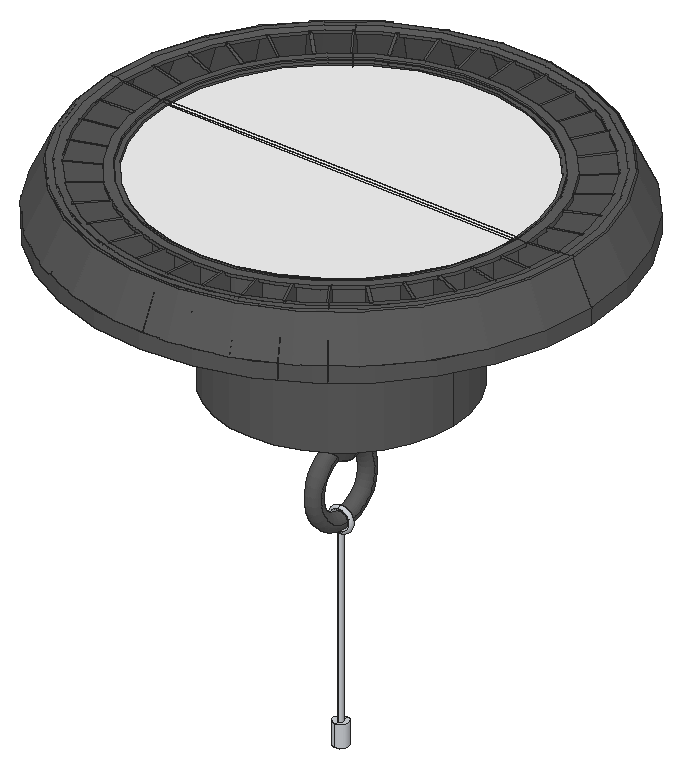
Revit family "0039349 Feilo Sylvania Lighting Fixture START HIGHBAY 4K 26KLM WIDE pendant", category Lighting Fixtures, host Face, Revit 2017
Family settings
  Host = Face
  Round Connector Dimension = Use Diameter
  Part Type = Normal
  OmniClass Number = 23.80.70.00
  OmniClass Title = Lighting
  Cut with Voids When Loaded = No
  Light Source = Yes
  Shared = No
  Room Calculation Point = No
Parameters (values of type "0039349 START HIGHBAY 4K 26KLM WIDE ")
  WidthStraight_FEILO = if(SizeS_FEILO, 3 mm, if(SizeM_FEILO, 4 mm, 4.7 mm))  # 4.7 mm
  WidthRingChamfer_FEILO = if(SizeS_FEILO, 10.3 mm, if(SizeM_FEILO, 11.2 mm, 12.9 mm))  # 12.9 mm
  WidthCurved_FEILO = if(SizeS_FEILO, 17.4 mm, if(SizeM_FEILO, 16.4 mm, 26.2 mm))  # 26.2 mm
  WidthCurvedRing_FEILO = if(SizeS_FEILO, 3 mm, if(SizeM_FEILO, 4 mm, 4.7 mm))  # 4.7 mm
  WidthBracket_FEILO = 40 mm
  Weight = "3.7 kg"
  Wattage Comments = ""
  Wattage = 200 W
  WarrantyStartDate [instance] = "n/a"
  WarrantyGuarantorParts = "n/a"
  WarrantyDurationUnit = "n/a"
  WarrantyDurationParts = "n/a"
  WarrantyDescription = "n/a"
  built-in parameter 1150110 = 1 (stored number, unit not read)
  Voltage = 230 V
  VisibilityBracket_FEILO = no
  URL = "http://www.sylvania-lighting.com"
  TypeName = "START HIGHBAY 4K 26KLM WIDE"
  Type Image = <None>
  Type Comments = "n/a"
  built-in parameter 1114217 = 1 (stored number, unit not read)
  Tilt Angle = -90.00°
  ThicknessWall_FEILO = 1.5 mm
  ThicknessBracket_FEILO = 1.5 mm
  ThicknessBracketHalf_FEILO = ThicknessBracket_FEILO / 2  # 0.75 mm
  built-in parameter 1150109 = 1 (stored number, unit not read)
  built-in parameter 1150134 = 12
  SuspensionHeight_FEILO [instance] = 350 mm
  built-in parameter 1150113 = 1 (stored number, unit not read)
  SizeS_FEILO = no
  SizeM_FEILO = no
  SerialNumber [instance] = "n/a"
  Rib4_FEILO = if(SizeS_FEILO, 18.1 mm, if(SizeM_FEILO, 13.6 mm, 14.6 mm))  # 14.6 mm
  Rib3_FEILO = if(SizeS_FEILO, 15.3 mm, if(SizeM_FEILO, 17.6 mm, 20.2 mm))  # 20.2 mm
  Rib2_FEILO = if(SizeS_FEILO, 3.6 mm, if(SizeM_FEILO, 3.9 mm, 4.5 mm))  # 4.5 mm
  Rib1_FEILO = if(SizeS_FEILO, 15.1 mm, if(SizeM_FEILO, 16.5 mm, 19 mm))  # 19 mm
  RadiusDiffuser_FEILO = if(SizeS_FEILO, 95.2 mm, if(SizeM_FEILO, 105.3 mm, 120 mm))  # 120 mm
  RadiusArrayPost_FEILO = DriverRadius_FEILO - 6 mm  # 70.4 mm
  RHRadius3_FEILO = if(SizeS_FEILO, 6.6 mm, if(SizeM_FEILO, 7.4 mm, 8.6 mm))  # 8.6 mm
  RHRadius2_FEILO = if(SizeS_FEILO, 11 mm, if(SizeM_FEILO, 12 mm, 14 mm))  # 14 mm
  RHRadius1_FEILO = if(SizeS_FEILO, 13.6 mm, if(SizeM_FEILO, 14.9 mm, 17.7 mm))  # 17.7 mm
  RHHeight4_FEILO = if(SizeS_FEILO, 7.3 mm, if(SizeM_FEILO, 8 mm, 9.2 mm))  # 9.2 mm
  RHHeight3_FEILO = if(SizeS_FEILO, 3.6 mm, if(SizeM_FEILO, 3.7 mm, 4.6 mm))  # 4.6 mm
  RHHeight2_FEILO = if(SizeS_FEILO, 2 mm, if(SizeM_FEILO, 2.2 mm, 2.6 mm))  # 2.6 mm
  RHHeight1_FEILO = if(SizeS_FEILO, 11.8 mm, if(SizeM_FEILO, 15.3 mm, 17.4 mm))  # 17.4 mm
  Photometric Web File = "0039349.ies"
  Material_3_FEILO = LED-Sylvania-StartHighbay-Glow
  PowerFactor = 0.95
  PowerConsumption = "200 W"
  NominalLength = 339 mm
  NominalHeight = 194 mm
  NominalDepth = 339 mm
  Name = "START HIGHBAY 4K 26KLM WIDE"
  ModelReference = Name  # "START HIGHBAY 4K 26KLM WIDE"
  ModelNumber = "0039349"
  Model = Name  # "START HIGHBAY 4K 26KLM WIDE"
  Material = "aluminium alloy housing, polycarbonate diffuser"
  ManufacturerName = "Feilo Sylvania"
  Manufacturer = "Feilo Sylvania"
  LuminousEfficacy = "130 lm/W"
  built-in parameter 1150105 = 13836.2 (stored number, unit not read)
  Lumens = 26000 lm
  LuminaireType = ""
  built-in parameter 1150115 = 1 (stored number, unit not read)
  LightOutputRatio = "n/a"
  built-in parameter 1150137 = (empty or 0)
  built-in parameter 1150139 = (empty or 0)
  LampsType = Lamp  # "LED"
  LampNominalLuminous = "26000 lm"
  LampMacAdamStep = "n/a"
  LampColourTemperature = "4000 K"
  LampColourRenderingIndex = "80"
  built-in parameter 1150112 = 1 (stored number, unit not read)
  built-in parameter 1150114 = 1 (stored number, unit not read)
  Lamp = "LED"
  Keynote = "16500"
  InstallationDate [instance] = "n/a"
  InputVoltage = "220-240V~"
  InputNominalFrequency = "50/60 Hz"
  built-in parameter 1150132 = (empty or 0)
  built-in parameter 1150102 = (empty or 0)
  built-in parameter 1150107 = 4000 (stored number, unit not read)
  built-in parameter 1150138 = (empty or 0)
  IngressProtection = "IP65"
  ImpactProtectionIndex = "IK08"
  built-in parameter 1150106 = 138.36 (stored number, unit not read)
  IfcExportType = "IfcLightFixtureType"
  IfcExportAs = "IfcLightFixtureType"
  HeightRing_FEILO = if(SizeS_FEILO, 19.8 mm, if(SizeM_FEILO, 32 mm, 36.8 mm))  # 36.8 mm
  HeightRingChamfer_FEILO = if(SizeS_FEILO, 11.7 mm, if(SizeM_FEILO, 23.2 mm, 26.6 mm))  # 26.6 mm
  EyeThickness_FEILO = if(SizeS_FEILO, 8.4 mm, if(SizeM_FEILO, 9.2 mm, 10.5 mm))  # 10.5 mm
  EyeThicknessHalf_FEILO = EyeThickness_FEILO / 2  # 5.25 mm
  EyeInner_FEILO = if(SizeS_FEILO, 13.8 mm, if(SizeM_FEILO, 15.1 mm, 17.3 mm))  # 17.3 mm
  ExpectedLife = 50000
  Emit from Circle Diameter = RadiusDiffuser_FEILO * 2  # 240 mm
  Emit Shape Visible in Rendering = no
  ElectricShockClassification = "Class I"
  built-in parameter 1150104 = 12.077 (stored number, unit not read)
  DurationUnit = "hours"
  DriverVerticalStraight_FEILO = if(SizeS_FEILO, 46.5 mm, if(SizeM_FEILO, 49.7 mm, 57 mm))  # 57 mm
  DriverVerticalChamfer_FEILO = if(SizeS_FEILO, 7.5 mm, if(SizeM_FEILO, 8.2 mm, 9.5 mm))  # 9.5 mm
  DriverRadius_FEILO = if(SizeS_FEILO, 61.4 mm, if(SizeM_FEILO, 67.2 mm, 76.4 mm))  # 76.4 mm
  DriverRadiusTop_FEILO = if(SizeS_FEILO, 42 mm, if(SizeM_FEILO, 45.3 mm, 52.4 mm))  # 52.4 mm
  DriverBottom_FEILO = if(SizeS_FEILO, 56 mm, if(SizeM_FEILO, 64.5 mm, 74 mm))  # 74 mm
  DocumentationLiterature = "http://www.sylvania-lighting.com/product/en-int/products/0039349"
  DimmingControlOptions = "n/a"
  Material_2_FEILO = Diffuser-Sylvania-StartHighbay-Transparent
  Radius_FEILO = if(SizeS_FEILO, 135 mm, if(SizeM_FEILO, 148 mm, 169.5 mm))  # 169.5 mm
  Dimming Lamp Color Temperature Shift = <None>
  DiameterWire_FEILO = 3 mm
  DiameterWireSupport_FEILO = 10 mm
  Description = "START HIGHBAY, includes 1 m cables, black aluminium housing, 26000LM, 200W, 130lm/W, 4000K, Driver current: 5000mA, CR80, 90° beam angle, 1-10V dimmable,  IP65, IK08, 50,000 hrs (L70B50), (LxWxH) 339x339x194mm"
  Default Elevation = 1219.2 mm
  CreatedOn = "2/28/2018"
  CreatedBy = ""
  Cost = 0
  Color Filter = 16777215
  built-in parameter 1114216 [instance] = (empty or 0)
  ClassificationValue = "EF_70_80"
  ClassificationName = "Uniclass2015"
  Material_1_FEILO = Body-Sylvania-StartHighbay-Black
  BarCode [instance] = "n/a"
  built-in parameter 1114218 = 1 (stored number, unit not read)
  built-in parameter 1150133 = 10 (stored number, unit not read)
  AssetType = "Fixed"
  AssetIdentifier [instance] = "n/a"
  Assembly Code = "D5020200"
  Apparent Load = 200 VA
  Material_4_FEILO = none
Reference planes
  plane 1 "Center (Front/Back)": y = 0
  plane 2: z = 0
  plane 3 "Center (Left/Right)": x = 0
  plane 4: z = 350
  plane 5: x = -169.5
  plane 6: x = -156.6
  plane 7: z = 323.4
  plane 8: z = 313.2
  plane 9: x = -151.9
  plane 10: z = 347.375
  plane 11: x = -125.7
  plane 12: x = -120
  plane 13: x = -147.2
  plane 14: z = 348.375
  plane 15: z = 346.375
  plane 16: x = -117
  plane 17: z = 345.375
  plane 18: x = -168
  plane 19: x = -150.5
  plane 20: z = 308.7
  plane 21: x = -130.3
  plane 22: z = 294.1
  plane 23: x = -20
  plane 24: z = 276
  plane 25: x = -76.4
  plane 26: z = 219
  plane 27: x = -52.4
  plane 28: z = 209.5
  plane 29: x = -17.7
  plane 30: z = 192.1
  plane 31: z = 189.5
  plane 32: x = -14
  plane 33: z = 184.9
  plane 34: z = 175.7
  plane 35: x = -8.6
  plane 36: z = 158.4
  plane 37: z = 141.1
  plane 38: x = 5.25
  plane 39: x = -5.25
  plane 40: z = 130.6
  plane 41: z = 135.85
  plane 42: x = -162.3
  plane 43: x = -167
  plane 44: z = 311.7
  plane 45: x = -155.1
  plane 46: z = 247.5
  plane 47: y = -20
  plane 48: y = 20
  plane 49: x = 169.5
  plane 50: x = 156.6
  plane 51: x = 168
  plane 52: x = 162.3
  plane 53: x = 167
  plane 54: x = 155.1
  plane 55: z = 144.1
  plane 56: y = 1.5
  plane 57: y = -1.5
  plane 58: z = 142.6
  plane 59: z = 129.1
  plane 60: z = 127.6
  plane 61: y = -5
  plane 62: y = 5
  plane 63: z = 14
Forms (mm)
  Revolve 1, solid, material "Body-Sylvania-StartHighbay-Black" <- "Material_1_FEILO", detail levels medium+fine
    sketch origin (0, 0, 0) x (1, 0, 0) y (0, 0, 1)
      loop
        line (-169.5, 313.2) -> (-168, 313.2) -> (-168, 323.055) -> (-156.206, 347.375) -> (-147.2, 347.375) -> (-147.2, 349.137)
        arc (-147.2, 349.137) -> (-149.554, 349.547) -> (-151.9, 350) r 132.063
        line (-151.9, 350) -> (-156.141, 350)
        arc (-156.141, 350) -> (-156.63, 349.826) -> (-156.899, 349.383) r 0.774
        line (-156.899, 349.383) -> (-169.5, 323.4) -> (-169.5, 313.2)
      axis (0, 350) -> (0, 313.2)
    angle from 360 to 0
  Revolve 2, solid, material "Body-Sylvania-StartHighbay-Black" <- "Material_1_FEILO", detail levels medium+fine
    sketch origin (0, 0, 0) x (1, 0, 0) y (0, 0, 1)
      loop
        line (-125.7, 345.375) -> (-120, 345.375) -> (-120, 323.4) -> (0, 323.4) -> (0, 345.375) -> (-117, 345.375) -> (-117, 346.375) -> (-120, 346.375) -> (-120, 347.375) -> (-125.7, 347.375) -> (-125.7, 345.375)
      axis (0, 347.375) -> (0, 323.4)
    angle from 360 to 0
  Revolve 3, solid, material "Diffuser-Sylvania-StartHighbay-Transparent" <- "Material_2_FEILO", detail levels medium+fine
    sketch origin (0, 0, 0) x (1, 0, 0) y (0, 0, 1)
      loop
        line (-120, 346.375) -> (0, 346.375) -> (0, 348.375) -> (-120, 348.375) -> (-120, 346.375)
      axis (0, 348.375) -> (0, 346.375)
    angle from 360 to 0
  Revolve 4, solid, material "Body-Sylvania-StartHighbay-Black" <- "Material_1_FEILO"
    sketch origin (0, 0, 0) x (1, 0, 0) y (0, 0, 1)
      loop
        line (-76.4, 294.1) -> (-76.4, 219) -> (-52.4, 209.5) -> (-17.7, 209.5) -> (-17.7, 192.1) -> (-14, 189.5) -> (-14, 184.9) -> (-9.037, 176.426)
        arc (-9.037, 176.426) -> (-8.49, 175.894) -> (-7.753, 175.7) r 1.5
        line (-7.753, 175.7) -> (0, 175.7) -> (0, 294.1) -> (-76.4, 294.1)
      axis (0, 294.1) -> (0, 175.7)
    angle from 360 to 0
  Revolve 5, solid, material "Body-Sylvania-StartHighbay-Black" <- "Material_1_FEILO"
    sketch origin (0, 0, 0) x (1, 0, 0) y (0, 0, 1)
      loop
        circle (0, 135.85) r 5.25
      axis (5.25, 158.4) -> (-5.25, 158.4)
    angle from 360 to 0
  Extrusion 6, solid, material "Body-Sylvania-StartHighbay-Black" <- "Material_1_FEILO", visible <- "VisibilityBracket_FEILO"
    sketch origin (0, 0, 0) x (1, 0, 0) y (0, 0, 1)
      loop
        line (-167, 313.2) -> (-167, 311.7) -> (-157.35, 311.7)
        arc (-157.35, 311.7) -> (-156.82, 311.48) -> (-156.6, 310.95) r 0.75
        line (-156.6, 310.95) -> (-156.6, 247.5) -> (-155.1, 247.5) -> (-155.1, 311.7)
        arc (-155.1, 311.7) -> (-155.539, 312.761) -> (-156.6, 313.2) r 1.5
        line (-156.6, 313.2) -> (-167, 313.2)
      loop
        line (167, 313.2) -> (156.6, 313.2)
        arc (156.6, 313.2) -> (155.539, 312.761) -> (155.1, 311.7) r 1.5
        line (155.1, 311.7) -> (155.1, 247.5) -> (156.6, 247.5) -> (156.6, 310.95)
        arc (156.6, 310.95) -> (156.82, 311.48) -> (157.35, 311.7) r 0.75
        line (157.35, 311.7) -> (167, 311.7) -> (167, 313.2)
    from -20 to 20
  Extrusion 7, void
    sketch origin (0, 0, 0) x (0, 1, 0) y (0, 0, 1)
      loop
        arc (-10, 247.5) -> (-17.071, 250.429) -> (-20, 257.5) r 10
        line (-20, 257.5) -> (-25, 257.5) -> (-25, 242.5) -> (-10, 242.5) -> (-10, 247.5)
      loop
        line (10, 247.5) -> (10, 242.5) -> (25, 242.5) -> (25, 257.5) -> (20, 257.5)
        arc (20, 257.5) -> (17.071, 250.429) -> (10, 247.5) r 10
    from -156.6 to 156.6
  Revolve 8, solid, material "Body-Sylvania-StartHighbay-Black" <- "Material_1_FEILO", detail levels coarse
    sketch origin (0, 0, 0) x (1, 0, 0) y (0, 0, 1)
      loop
        line (0, 350) -> (-156.6, 350) -> (-169.5, 323.4) -> (-169.5, 313.2) -> (-150.5, 313.2) -> (-150.5, 308.7) -> (-130.3, 294.1) -> (0, 294.1) -> (0, 350)
      axis (0, 350) -> (0, 294.1)
    angle from 360 to 0
  Revolve 9, solid
    sketch origin (0, 0, 0) x (0, 1, 0) y (0, 0, 1)
      loop
        circle (0, 142.6) r 1.5
      axis (1.5, 135.85) -> (-1.5, 135.85)
    angle from 360 to 0
  Revolve 10, solid
    sketch origin (0, 0, 0) x (0, 1, 0) y (0, 0, 1)
      loop
        line (0, 0) -> (0, 129.1) -> (-1.5, 129.1) -> (-1.5, 14) -> (-5, 14) -> (-5, 0) -> (0, 0)
      axis (0, 0) -> (0, 129.1)
    angle from 360 to 0
Cuts and joins
  Extrusion 7 cuts Extrusion 6
Lines and regions (mm)
  reference lines
    curve 1: line (-169.5, 0, 323.4) -> (-156.6, 0, 350)
    curve 2: line (-125.7, 0, 347.375) -> (0, 0, 347.375)
    curve 3: arc (-125.7, 0, 347.375) -> (-138.866, 0, 348.033) -> (-151.9, 0, 350) r 132.063
    curve 4: line (-156.6, 0, 350) -> (-151.9, 0, 350)
    curve 5: line (-156.206, 0, 347.375) -> (-168, 0, 323.055)
    curve 6: line (-150.5, 0, 308.7) -> (-130.3, 0, 294.1)
    curve 7: line (-14, 0, 184.9) -> (-8.6, 0, 175.7)
    curve 8: circle (0, 0, 135.85) r 5.25 normal (0, -1, 0)
Dimensions and locks
  "Radius_FEILO": plane 3 "Center (Left/Right)" to plane 5
  "WidthRingChamfer_FEILO": plane 6 to plane 5
  "WidthStraight_FEILO": plane 9 to plane 6
  "WidthCurvedRing_FEILO": plane 13 to plane 9
  locked: plane 10 to plane 15 at 1
  locked: plane 14 to plane 10 at 1
  locked: plane 4 to plane 10 at 2.625
  locked: plane 15 to plane 17 at 1
  "ThicknessWall_FEILO": plane 18 to plane 5
  "ThicknessWall_FEILO": curve 5 to curve 1
  "HeightRingChamfer_FEILO": plane 4 to plane 7
  "HeightRing_FEILO": plane 4 to plane 8
  "RadiusDiffuser_FEILO": plane 3 "Center (Left/Right)" to plane 12
  locked: plane 16 to plane 12 at 3
  "WidthCurved_FEILO": plane 11 to plane 9
  "SuspensionHeight_FEILO": plane 4 to plane 2
  "Rib1_FEILO": plane 19 to plane 5
  "Rib2_FEILO": plane 8 to plane 20
  "Rib3_FEILO": plane 21 to plane 19
  "Rib4_FEILO": plane 20 to plane 22
  locked: plane 3 "Center (Left/Right)" to plane 23 at 20
  "DriverBottom_FEILO": plane 4 to plane 24
  "DriverRadius_FEILO": plane 3 "Center (Left/Right)" to plane 25
  "DriverVerticalStraight_FEILO": plane 24 to plane 26
  "DriverRadiusTop_FEILO": plane 3 "Center (Left/Right)" to plane 27
  "DriverVerticalChamfer_FEILO": plane 26 to plane 28
  "RHRadius1_FEILO": plane 3 "Center (Left/Right)" to plane 29
  "RHHeight2_FEILO": plane 30 to plane 31
  "RHRadius2_FEILO": plane 3 "Center (Left/Right)" to plane 32
  "RHHeight3_FEILO": plane 31 to plane 33
  "RHHeight4_FEILO": plane 33 to plane 34
  "RHRadius3_FEILO": plane 3 "Center (Left/Right)" to plane 35
  "RHHeight1_FEILO": plane 28 to plane 30
  "EyeInner_FEILO": plane 34 to plane 36
  "EyeInner_FEILO": plane 36 to plane 37
  equal spacing: plane 38, plane 3 "Center (Left/Right)", plane 39
  "EyeThickness_FEILO": plane 38 to plane 39
  "EyeThickness_FEILO": plane 37 to plane 40
  equal spacing: plane 37, plane 41, plane 40
  equal spacing: plane 6, plane 42, plane 18
  "ThicknessBracket_FEILO": plane 45 to plane 6
  "ThicknessBracket_FEILO": plane 8 to plane 44
  locked: plane 43 to plane 18 at 1
  equal spacing: plane 24, plane 46, plane 26
  equal spacing: plane 47, plane 1 "Center (Front/Back)", plane 48
  "WidthBracket_FEILO": plane 47 to plane 48
  "WidthRingChamfer_FEILO": plane 50 to plane 49
  "ThicknessWall_FEILO": plane 51 to plane 49
  equal spacing: plane 50, plane 52, plane 51
  "ThicknessBracket_FEILO": plane 54 to plane 50
  locked: plane 53 to plane 51 at 1
  "Radius_FEILO": plane 49 to plane 3 "Center (Left/Right)"
  equal spacing: plane 57, imposter light, plane 56
  "DiameterWire_FEILO": plane 57 to plane 56
  "DiameterWire_FEILO": plane 37 to plane 55
  equal spacing: plane 37, plane 58, plane 55
  "DiameterWire_FEILO": plane 60 to plane 40
  equal spacing: plane 60, plane 59, plane 40
  equal spacing: plane 61, plane 1 "Center (Front/Back)", plane 62
  "DiameterWireSupport_FEILO": plane 61 to plane 62
  locked: plane 63 to plane 2 at 14
  "EyeThicknessHalf_FEILO": radius of curve 8
  "ThicknessBracket_FEILO": radius of Extrusion 6 sketch curve  (x2)
  "ThicknessBracketHalf_FEILO": radius of Extrusion 6 sketch curve  (x2)
  "DiameterWire_FEILO": diameter of Revolve 9 sketch curve
  aligned and locked: plane 2 to host face
  aligned and locked: level to host face
  aligned and locked: plane 5 to curve 1
  aligned and locked: plane 6 to curve 1
  aligned and locked: plane 7 to curve 1
  aligned and locked: plane 10 to curve 2
  aligned and locked: plane 9 to curve 3
  aligned and locked: plane 4 to curve 3
  aligned and locked: plane 11 to curve 3
  aligned and locked: plane 4 to curve 4
  aligned and locked: plane 18 to curve 5
  aligned and locked: plane 10 to curve 5
  aligned and locked: Revolve 1 sketch curve to plane 3 "Center (Left/Right)"
  aligned and locked: Revolve 1 sketch curve to curve 3
  aligned and locked: Revolve 1 sketch curve to curve 1
  aligned and locked: plane 4 to Revolve 1 sketch curve
  aligned and locked: plane 9 to Revolve 1 sketch curve
  aligned and locked: Revolve 1 sketch curve to plane 13
  aligned and locked: Revolve 1 sketch curve to plane 10
  aligned and locked: plane 13 to Revolve 1 sketch curve
  aligned and locked: plane 10 to Revolve 1 sketch curve
  aligned and locked: Revolve 1 sketch curve to plane 18
  aligned and locked: Revolve 1 sketch curve to plane 8
  aligned and locked: plane 5 to Revolve 1 sketch curve  (x2)
  aligned and locked: Revolve 2 sketch curve to plane 3 "Center (Left/Right)"
  aligned and locked: plane 11 to Revolve 2 sketch curve
  aligned and locked: Revolve 2 sketch curve to curve 2
  aligned and locked: plane 15 to Revolve 2 sketch curve
  aligned and locked: Revolve 2 sketch curve to plane 16
  aligned and locked: plane 17 to Revolve 2 sketch curve  (x2)
  aligned and locked: Revolve 2 sketch curve to plane 12
  aligned and locked: plane 7 to Revolve 2 sketch curve
  aligned and locked: Revolve 3 sketch curve to plane 3 "Center (Left/Right)"
  aligned and locked: Revolve 3 sketch curve to plane 14
  aligned and locked: plane 3 "Center (Left/Right)" to Revolve 3 sketch curve
  aligned and locked: Revolve 3 sketch curve to plane 12
  aligned and locked: plane 15 to Revolve 3 sketch curve
  aligned and locked: Revolve 1 sketch curve to curve 5
  aligned and locked: plane 22 to curve 6
  aligned and locked: plane 21 to curve 6
  aligned and locked: plane 20 to curve 6
  aligned and locked: plane 19 to curve 6
  aligned and locked: plane 33 to curve 7
  aligned and locked: plane 32 to curve 7
  aligned and locked: plane 35 to curve 7
  aligned and locked: plane 34 to curve 7
  aligned and locked: Revolve 4 sketch curve to plane 3 "Center (Left/Right)"
  aligned and locked: Revolve 4 sketch curve to plane 25
  aligned and locked: plane 27 to Revolve 4 sketch curve
  aligned and locked: plane 28 to Revolve 4 sketch curve
  aligned and locked: plane 30 to Revolve 4 sketch curve
  aligned and locked: Revolve 4 sketch curve to plane 29
  aligned and locked: plane 31 to Revolve 4 sketch curve
  aligned and locked: Revolve 4 sketch curve to curve 7
  aligned and locked: Revolve 4 sketch curve to plane 32
  aligned and locked: plane 34 to Revolve 4 sketch curve
  aligned and locked: plane 3 "Center (Left/Right)" to Revolve 4 sketch curve
  aligned and locked: plane 3 "Center (Left/Right)" to curve 8
  aligned and locked: plane 41 to curve 8
  aligned and locked: Revolve 5 sketch curve to plane 36
  aligned and locked: Revolve 5 sketch curve to curve 8
  aligned and locked: plane 43 to Extrusion 6 sketch curve  (x2)
  aligned and locked: plane 8 to Extrusion 6 sketch curve  (x3)
  aligned and locked: Extrusion 6 sketch curve to plane 45
  aligned and locked: Extrusion 6 sketch curve to plane 46  (x2)
  aligned and locked: plane 6 to Extrusion 6 sketch curve
  aligned and locked: Extrusion 6 sketch curve to plane 44  (x2)
  aligned and locked: Extrusion 6 to plane 48
  aligned and locked: plane 47 to Extrusion 6
  aligned and locked: plane 53 to Extrusion 6 sketch curve
  aligned and locked: plane 50 to Extrusion 6 sketch curve
  aligned and locked: Extrusion 6 sketch curve to plane 54
  aligned and locked: Extrusion 7 sketch curve to Extrusion 7 sketch curve
  aligned and locked: Extrusion 7 to plane 6
  aligned and locked: Extrusion 7 to Extrusion 6
  aligned and locked: Revolve 4 sketch curve to plane 22
  aligned and locked: plane 23 to nested 1
  aligned and locked: plane 1 "Center (Front/Back)" to nested 1
  aligned and locked: Revolve 8 sketch curve to plane 3 "Center (Left/Right)"
  aligned and locked: Revolve 8 sketch curve to plane 4
  aligned and locked: plane 6 to Revolve 8 sketch curve
  aligned and locked: plane 4 to Revolve 8 sketch curve
  aligned and locked: plane 7 to Revolve 8 sketch curve
  aligned and locked: Revolve 8 sketch curve to plane 5
  aligned and locked: plane 8 to Revolve 8 sketch curve  (x2)
  aligned and locked: Revolve 8 sketch curve to plane 19
  aligned and locked: plane 20 to Revolve 8 sketch curve
  aligned and locked: plane 19 to Revolve 8 sketch curve
  aligned and locked: plane 21 to Revolve 8 sketch curve
  aligned and locked: plane 22 to Revolve 8 sketch curve  (x2)
  aligned and locked: Revolve 8 sketch curve to Revolve 8 sketch curve
  aligned and locked: imposter light to plane 4
  aligned and locked: plane 3 "Center (Left/Right)" to imposter light
  aligned and locked: imposter light to plane 1 "Center (Front/Back)"
  aligned and locked: Revolve 9 sketch curve to plane 41
  aligned and locked: Revolve 10 sketch curve to plane 1 "Center (Front/Back)"
  aligned and locked: plane 1 "Center (Front/Back)" to Revolve 10 sketch curve  (x2)
  aligned and locked: host face to Revolve 10 sketch curve
  aligned and locked: plane 63 to Revolve 10 sketch curve
  aligned and locked: Revolve 10 sketch curve to plane 61
  aligned and locked: Revolve 10 sketch curve to plane 57
  aligned and locked: plane 59 to Revolve 10 sketch curve
Automatic sketch dimensions
  host sketch curve to host sketch curve = 2438.4 mm  (x2)
  curve 2 to plane 3 "Center (Left/Right)" = 0 mm
  Revolve 1 sketch curve to plane 6 = 0.299 mm
  plane 6 to Revolve 1 sketch curve = 0.459 mm
  Revolve 1 sketch curve to level = 609.6 mm
  Revolve 1 sketch curve to Revolve 1 sketch curve = 2312.223 mm
  Revolve 2 sketch curve to plane 12 = 0 mm
  Revolve 2 sketch curve to plane 3 "Center (Left/Right)" = 0 mm
  Revolve 2 sketch curve to level = 609.6 mm
  Revolve 2 sketch curve to plane 4 = 2339.058 mm
  Revolve 3 sketch curve to level = 609.6 mm
  Revolve 3 sketch curve to plane 4 = 2339.058 mm
  Revolve 5 sketch curve to plane 5 = 1080 mm
  plane 38 to Revolve 5 sketch curve = 1219.2 mm
  Extrusion 7 sketch curve to plane 47 = 0 mm
  plane 46 to Extrusion 7 sketch curve = 0 mm  (x2)
  Extrusion 7 sketch curve to plane 48 = 0 mm
  plane 47 to Extrusion 7 sketch curve = 5 mm
  plane 1 "Center (Front/Back)" to Extrusion 7 sketch curve = 10 mm
  Extrusion 7 sketch curve to Extrusion 7 sketch curve = 10 mm
  plane 46 to Extrusion 7 sketch curve = 5 mm
  Extrusion 7 sketch curve to Extrusion 7 sketch curve = 5 mm
  Extrusion 7 sketch curve to plane 48 = 5 mm
  Revolve 4 sketch curve to plane 26 = 0 mm
  Revolve 4 sketch curve to plane 35 = 0.437 mm
  plane 35 to Revolve 4 sketch curve = 0.847 mm
  Revolve 4 sketch curve to plane 34 = 0.726 mm
  plane 40 to Revolve 4 sketch curve = 590.2 mm
  Revolve 4 sketch curve to plane 4 = 2339.058 mm
  Revolve 8 sketch curve to level = 609.6 mm
  Revolve 8 sketch curve to Revolve 8 sketch curve = 2386.058 mm
  Revolve 9 sketch curve to plane 1 "Center (Front/Back)" = 0 mm
  plane 58 to Revolve 9 sketch curve = 0 mm
  plane 47 to Revolve 9 sketch curve = 2534.941 mm
  Revolve 9 sketch curve to plane 48 = 2077.409 mm
  Revolve 10 sketch curve to Revolve 10 sketch curve = 609.6 mm
  Revolve 10 sketch curve to plane 4 = 2123.807 mm
Nested families
  nested 1: "Start Highbay Rib" at (0, 0, 347.375), type "Type Name", detail levels medium+fine
    with SuspensionHeight_FEILO 2.6 mm
  nested 2: "Start Highbay Rib" at (0, 0, 347.375) x (0.9877, 0.1564, 0) z (0, 0, 1), type "Type Name", detail levels medium+fine
    with SuspensionHeight_FEILO 2.6 mm
  nested 3: "Start Highbay Rib" at (0, 0, 347.375) x (0.9511, 0.309, 0) z (0, 0, 1), type "Type Name", detail levels medium+fine
    with SuspensionHeight_FEILO 2.6 mm
  nested 4: "Start Highbay Rib" at (0, 0, 347.375) x (0.891, 0.454, 0) z (0, 0, 1), type "Type Name", detail levels medium+fine
    with SuspensionHeight_FEILO 2.6 mm
  nested 5: "Start Highbay Rib" at (0, 0, 347.375) x (0.809, 0.5878, 0) z (0, 0, 1), type "Type Name", detail levels medium+fine
    with SuspensionHeight_FEILO 2.6 mm
  nested 6: "Start Highbay Rib" at (0, 0, 347.375) x (0.7071, 0.7071, 0) z (0, 0, 1), type "Type Name", detail levels medium+fine
    with SuspensionHeight_FEILO 2.6 mm
  nested 7: "Start Highbay Rib" at (0, 0, 347.375) x (0.5878, 0.809, 0) z (0, 0, 1), type "Type Name", detail levels medium+fine
    with SuspensionHeight_FEILO 2.6 mm
  nested 8: "Start Highbay Rib" at (0, 0, 347.375) x (0.454, 0.891, 0) z (0, 0, 1), type "Type Name", detail levels medium+fine
    with SuspensionHeight_FEILO 2.6 mm
  nested 9: "Start Highbay Rib" at (0, 0, 347.375) x (0.309, 0.9511, 0) z (0, 0, 1), type "Type Name", detail levels medium+fine
    with SuspensionHeight_FEILO 2.6 mm
  nested 10: "Start Highbay Rib" at (0, 0, 347.375) x (0.1564, 0.9877, 0) z (0, 0, 1), type "Type Name", detail levels medium+fine
    with SuspensionHeight_FEILO 2.6 mm
  nested 11: "Start Highbay Rib" at (0, 0, 347.375) x (0, 1, 0) z (0, 0, 1), type "Type Name", detail levels medium+fine
    with SuspensionHeight_FEILO 2.6 mm
  nested 12: "Start Highbay Rib" at (0, 0, 347.375) x (-0.1564, 0.9877, 0) z (0, 0, 1), type "Type Name", detail levels medium+fine
    with SuspensionHeight_FEILO 2.6 mm
  nested 13: "Start Highbay Rib" at (0, 0, 347.375) x (-0.309, 0.9511, 0) z (0, 0, 1), type "Type Name", detail levels medium+fine
    with SuspensionHeight_FEILO 2.6 mm
  nested 14: "Start Highbay Rib" at (0, 0, 347.375) x (-0.454, 0.891, 0) z (0, 0, 1), type "Type Name", detail levels medium+fine
    with SuspensionHeight_FEILO 2.6 mm
  nested 15: "Start Highbay Rib" at (0, 0, 347.375) x (-0.5878, 0.809, 0) z (0, 0, 1), type "Type Name", detail levels medium+fine
    with SuspensionHeight_FEILO 2.6 mm
  nested 16: "Start Highbay Rib" at (0, 0, 347.375) x (-0.7071, 0.7071, 0) z (0, 0, 1), type "Type Name", detail levels medium+fine
    with SuspensionHeight_FEILO 2.6 mm
  nested 17: "Start Highbay Rib" at (0, 0, 347.375) x (-0.809, 0.5878, 0) z (0, 0, 1), type "Type Name", detail levels medium+fine
    with SuspensionHeight_FEILO 2.6 mm
  nested 18: "Start Highbay Rib" at (0, 0, 347.375) x (-0.891, 0.454, 0) z (0, 0, 1), type "Type Name", detail levels medium+fine
    with SuspensionHeight_FEILO 2.6 mm
  nested 19: "Start Highbay Rib" at (0, 0, 347.375) x (-0.9511, 0.309, 0) z (0, 0, 1), type "Type Name", detail levels medium+fine
    with SuspensionHeight_FEILO 2.6 mm
  nested 20: "Start Highbay Rib" at (0, 0, 347.375) x (-0.9877, 0.1564, 0) z (0, 0, 1), type "Type Name", detail levels medium+fine
    with SuspensionHeight_FEILO 2.6 mm
  nested 21: "Start Highbay Rib" at (0, 0, 347.375) x (-1, 0, 0) z (0, 0, 1), type "Type Name", detail levels medium+fine
    with SuspensionHeight_FEILO 2.6 mm
  nested 22: "Start Highbay Rib" at (0, 0, 347.375) x (-0.9877, -0.1564, 0) z (0, 0, 1), type "Type Name", detail levels medium+fine
    with SuspensionHeight_FEILO 2.6 mm
  nested 23: "Start Highbay Rib" at (0, 0, 347.375) x (-0.9511, -0.309, 0) z (0, 0, 1), type "Type Name", detail levels medium+fine
    with SuspensionHeight_FEILO 2.6 mm
  nested 24: "Start Highbay Rib" at (0, 0, 347.375) x (-0.891, -0.454, 0) z (0, 0, 1), type "Type Name", detail levels medium+fine
    with SuspensionHeight_FEILO 2.6 mm
  nested 25: "Start Highbay Rib" at (0, 0, 347.375) x (-0.809, -0.5878, 0) z (0, 0, 1), type "Type Name", detail levels medium+fine
    with SuspensionHeight_FEILO 2.6 mm
  nested 26: "Start Highbay Rib" at (0, 0, 347.375) x (-0.7071, -0.7071, 0) z (0, 0, 1), type "Type Name", detail levels medium+fine
    with SuspensionHeight_FEILO 2.6 mm
  nested 27: "Start Highbay Rib" at (0, 0, 347.375) x (-0.5878, -0.809, 0) z (0, 0, 1), type "Type Name", detail levels medium+fine
    with SuspensionHeight_FEILO 2.6 mm
  nested 28: "Start Highbay Rib" at (0, 0, 347.375) x (-0.454, -0.891, 0) z (0, 0, 1), type "Type Name", detail levels medium+fine
    with SuspensionHeight_FEILO 2.6 mm
  nested 29: "Start Highbay Rib" at (0, 0, 347.375) x (-0.309, -0.9511, 0) z (0, 0, 1), type "Type Name", detail levels medium+fine
    with SuspensionHeight_FEILO 2.6 mm
  nested 30: "Start Highbay Rib" at (0, 0, 347.375) x (-0.1564, -0.9877, 0) z (0, 0, 1), type "Type Name", detail levels medium+fine
    with SuspensionHeight_FEILO 2.6 mm
  nested 31: "Start Highbay Rib" at (0, 0, 347.375) x (0, -1, 0) z (0, 0, 1), type "Type Name", detail levels medium+fine
    with SuspensionHeight_FEILO 2.6 mm
  nested 32: "Start Highbay Rib" at (0, 0, 347.375) x (0.1564, -0.9877, 0) z (0, 0, 1), type "Type Name", detail levels medium+fine
    with SuspensionHeight_FEILO 2.6 mm
  nested 33: "Start Highbay Rib" at (0, 0, 347.375) x (0.309, -0.9511, 0) z (0, 0, 1), type "Type Name", detail levels medium+fine
    with SuspensionHeight_FEILO 2.6 mm
  nested 34: "Start Highbay Rib" at (0, 0, 347.375) x (0.454, -0.891, 0) z (0, 0, 1), type "Type Name", detail levels medium+fine
    with SuspensionHeight_FEILO 2.6 mm
  nested 35: "Start Highbay Rib" at (0, 0, 347.375) x (0.5878, -0.809, 0) z (0, 0, 1), type "Type Name", detail levels medium+fine
    with SuspensionHeight_FEILO 2.6 mm
  nested 36: "Start Highbay Rib" at (0, 0, 347.375) x (0.7071, -0.7071, 0) z (0, 0, 1), type "Type Name", detail levels medium+fine
    with SuspensionHeight_FEILO 2.6 mm
  nested 37: "Start Highbay Rib" at (0, 0, 347.375) x (0.809, -0.5878, 0) z (0, 0, 1), type "Type Name", detail levels medium+fine
    with SuspensionHeight_FEILO 2.6 mm
  nested 38: "Start Highbay Rib" at (0, 0, 347.375) x (0.891, -0.454, 0) z (0, 0, 1), type "Type Name", detail levels medium+fine
    with SuspensionHeight_FEILO 2.6 mm
  nested 39: "Start Highbay Rib" at (0, 0, 347.375) x (0.9511, -0.309, 0) z (0, 0, 1), type "Type Name", detail levels medium+fine
    with SuspensionHeight_FEILO 2.6 mm
  nested 40: "Start Highbay Rib" at (0, 0, 347.375) x (0.9877, -0.1564, 0) z (0, 0, 1), type "Type Name", detail levels medium+fine
    with SuspensionHeight_FEILO 2.6 mm
Connectors
  electrical at (0, 0, 0), driven by "Apparent Load", driven by "PowerFactor", driven by "Voltage"
    settings: index 1, voltage 230 V, apparent load 200 VA, apparent load phase1 0 VA, apparent load phase2 0 VA, apparent load phase3 0 VA, power factor 0.95, load classification "Lighting", number of poles 1, system type 30, power factor state 1, is connector primary yes, connector utility no, sub classification motor no, connector description ""
Definition of nested family "Start Highbay Rib"
  Parameters (values of type "Type Name")
    WidthStraight_FEILO = if(SizeS_FEILO, 3 mm, if(SizeM_FEILO, 4 mm, 4.7 mm))  # 3 mm
    WidthRingChamfer_FEILO = if(SizeS_FEILO, 10.3 mm, if(SizeM_FEILO, 11.2 mm, 12.9 mm))  # 10.3 mm
    WidthCurved_FEILO = if(SizeS_FEILO, 17.4 mm, if(SizeM_FEILO, 16.4 mm, 26.2 mm))  # 17.4 mm
    WidthCurvedRing_FEILO = if(SizeS_FEILO, 3 mm, if(SizeM_FEILO, 4 mm, 4.7 mm))  # 3 mm
    WidthBracket_FEILO = 40 mm
    URL = "http://www.feilosylvania.com"
    Type Image = (empty or 0)
    Type Comments = "n/a"
    ThicknessWall_FEILO = 1.5 mm
    ThicknessBracket_FEILO = 1.5 mm
    ThicknessBracketHalf_FEILO = ThicknessBracket_FEILO / 2  # 0.75 mm
    SuspensionHeight_FEILO [instance] = 2.6 mm
    SizeS_FEILO = yes
    SizeM_FEILO = no
    Rib4_FEILO = if(SizeS_FEILO, 18.1 mm, if(SizeM_FEILO, 13.6 mm, 14.6 mm))  # 18.1 mm
    Rib3_FEILO = if(SizeS_FEILO, 15.3 mm, if(SizeM_FEILO, 17.6 mm, 20.2 mm))  # 15.3 mm
    Rib2_FEILO = if(SizeS_FEILO, 3.6 mm, if(SizeM_FEILO, 3.9 mm, 4.5 mm))  # 3.6 mm
    Rib1_FEILO = if(SizeS_FEILO, 15.1 mm, if(SizeM_FEILO, 16.5 mm, 19 mm))  # 15.1 mm
    RadiusRib_FEILO = 2 mm
    RadiusDiffuser_FEILO = if(SizeS_FEILO, 95.2 mm, if(SizeM_FEILO, 105.3 mm, 120 mm))  # 95.2 mm
    RHRadius3_FEILO = if(SizeS_FEILO, 6.6 mm, if(SizeM_FEILO, 7.4 mm, 8.6 mm))  # 6.6 mm
    RHRadius2_FEILO = if(SizeS_FEILO, 11 mm, if(SizeM_FEILO, 12 mm, 14 mm))  # 11 mm
    RHRadius1_FEILO = if(SizeS_FEILO, 13.6 mm, if(SizeM_FEILO, 14.9 mm, 17.7 mm))  # 13.6 mm
    RHHeight4_FEILO = if(SizeS_FEILO, 7.3 mm, if(SizeM_FEILO, 8 mm, 9.2 mm))  # 7.3 mm
    RHHeight3_FEILO = if(SizeS_FEILO, 3.6 mm, if(SizeM_FEILO, 3.7 mm, 4.6 mm))  # 3.6 mm
    RHHeight2_FEILO = if(SizeS_FEILO, 2 mm, if(SizeM_FEILO, 2.2 mm, 2.6 mm))  # 2 mm
    RHHeight1_FEILO = if(SizeS_FEILO, 11.8 mm, if(SizeM_FEILO, 15.3 mm, 17.4 mm))  # 11.8 mm
    Material_3_FEILO = none
    Model = ""
    Manufacturer = "Feilo Sylvania"
    Keynote = "16500"
    HeightRing_FEILO = if(SizeS_FEILO, 19.8 mm, if(SizeM_FEILO, 32 mm, 36.8 mm))  # 19.8 mm
    HeightRingChamfer_FEILO = if(SizeS_FEILO, 11.7 mm, if(SizeM_FEILO, 23.2 mm, 26.6 mm))  # 11.7 mm
    EyeThickness_FEILO = if(SizeS_FEILO, 8.4 mm, if(SizeM_FEILO, 9.2 mm, 10.5 mm))  # 8.4 mm
    EyeThicknessHalf_FEILO = EyeThickness_FEILO / 2  # 4.2 mm
    EyeInner_FEILO = if(SizeS_FEILO, 13.8 mm, if(SizeM_FEILO, 15.1 mm, 17.3 mm))  # 13.8 mm
    DriverVerticalStraight_FEILO = if(SizeS_FEILO, 46.5 mm, if(SizeM_FEILO, 49.7 mm, 57 mm))  # 46.5 mm
    DriverVerticalChamfer_FEILO = if(SizeS_FEILO, 7.5 mm, if(SizeM_FEILO, 8.2 mm, 9.5 mm))  # 7.5 mm
    DriverRadius_FEILO = if(SizeS_FEILO, 61.4 mm, if(SizeM_FEILO, 67.2 mm, 76.4 mm))  # 61.4 mm
    DriverRadiusTop_FEILO = if(SizeS_FEILO, 42 mm, if(SizeM_FEILO, 45.3 mm, 52.4 mm))  # 42 mm
    DriverBottom_FEILO = if(SizeS_FEILO, 56 mm, if(SizeM_FEILO, 64.5 mm, 74 mm))  # 56 mm
    Material_2_FEILO = none
    Radius_FEILO = if(SizeS_FEILO, 135 mm, if(SizeM_FEILO, 148 mm, 169.5 mm))  # 135 mm
    Description = ""
    Default Elevation = 1219.2 mm
    Cost = 0
    Material_1_FEILO = none
    Assembly Code = "D5020200"
    Material_4_FEILO = none
  Reference planes
    plane 1 "Center (Front/Back)": y = 0
    plane 2: z = 0
    plane 3 "Center (Left/Right)": x = 0
    plane 4: z = 2.6
    plane 5: x = -135
    plane 6: x = -124.7
    plane 7: z = -9.1
    plane 8: z = -17.2
    plane 9: x = -121.7
    plane 10: z = -0.025
    plane 11: x = -104.3
    plane 12: x = -95.2
    plane 13: x = -118.7
    plane 14: z = 0.975
    plane 15: z = -1.025
    plane 16: x = -92.2
    plane 17: z = -2.025
    plane 18: x = -133.5
    plane 19: x = -119.9
    plane 20: z = -20.8
    plane 21: x = -104.6
    plane 22: z = -38.9
    plane 23: x = -20
    plane 24: z = -53.4
    plane 25: x = -61.4
    plane 26: z = -99.9
    plane 27: x = -42
    plane 28: z = -107.4
    plane 29: x = -13.6
    plane 30: z = -119.2
    plane 31: z = -121.2
    plane 32: x = -11
    plane 33: z = -124.8
    plane 34: z = -132.1
    plane 35: x = -6.6
    plane 36: z = -145.9
    plane 37: z = -159.7
    plane 38: x = 4.2
    plane 39: x = -4.2
    plane 40: z = -168.1
    plane 41: z = -163.9
    plane 42: x = -129.1
    plane 43: x = -132.5
    plane 44: z = -18.7
    plane 45: x = -123.2
    plane 46: z = -76.65
    plane 47: y = -20
    plane 48: y = 20
    plane 49: x = 135
    plane 50: x = 124.7
    plane 51: x = 133.5
    plane 52: x = 129.1
    plane 53: x = 132.5
    plane 54: x = 123.2
    plane 55: y = 0.75
    plane 56: y = -0.75
  Forms (mm)
    Extrusion 1, solid
      sketch origin (4.2, 0, 0) x (1, 0, 0) y (0, 1, 0)
        loop
          line (-1219.2, 1219.2) -> (-1219.2, -1219.2) -> (1219.2, -1219.2) -> (1219.2, 1219.2) -> (-1219.2, 1219.2)
      from 0 to -68.017
    Extrusion 2, solid, material <- "Material_1_FEILO"
      sketch origin (0, 0, 0) x (1, 0, 0) y (0, 0, 1)
        loop
          arc (-104.3, -0.025) -> (-111.555, 0.423) -> (-118.7, 1.76) r 58.981
          line (-118.7, 1.76) -> (-118.7, -0.025) -> (-125.012, -0.025) -> (-133.5, -9.666) -> (-133.5, -17.2) -> (-119.9, -17.2) -> (-119.9, -20.068)
          arc (-119.9, -20.068) -> (-119.778, -20.755) -> (-119.427, -21.359) r 2
          line (-119.427, -21.359) -> (-104.966, -38.467)
          arc (-104.966, -38.467) -> (-104.381, -38.789) -> (-103.723, -38.9) r 2
          line (-103.723, -38.9) -> (-20, -38.9) -> (-20, -9.1) -> (-95.2, -9.1) -> (-95.2, -2.025) -> (-104.3, -2.025) -> (-104.3, -0.025)
      from -0.75 to 0.75
  Lines and regions (mm)
    reference lines
      curve 1: line (-135, 0, -9.1) -> (-124.7, 0, 2.6)
      curve 2: line (-104.3, 0, -0.025) -> (0, 0, -0.025)
      curve 3: arc (-104.3, 0, -0.025) -> (-113.098, 0, 0.635) -> (-121.7, 0, 2.6) r 58.981
      curve 4: line (-124.7, 0, 2.6) -> (-121.7, 0, 2.6)
      curve 5: line (-125.012, 0, -0.025) -> (-133.5, 0, -9.666)
      curve 6: line (-119.9, 0, -20.8) -> (-104.6, 0, -38.9)
  Dimensions and locks
    "Radius_FEILO": plane 3 "Center (Left/Right)" to plane 5
    "WidthRingChamfer_FEILO": plane 6 to plane 5
    "WidthStraight_FEILO": plane 9 to plane 6
    "WidthCurvedRing_FEILO": plane 13 to plane 9
    locked: plane 10 to plane 15 at 1
    locked: plane 14 to plane 10 at 1
    locked: plane 4 to plane 10 at 2.625
    locked: plane 15 to plane 17 at 1
    "ThicknessWall_FEILO": plane 18 to plane 5
    "ThicknessWall_FEILO": curve 5 to curve 1
    "HeightRingChamfer_FEILO": plane 4 to plane 7
    "HeightRing_FEILO": plane 4 to plane 8
    "RadiusDiffuser_FEILO": plane 3 "Center (Left/Right)" to plane 12
    locked: plane 16 to plane 12 at 3
    "WidthCurved_FEILO": plane 11 to plane 9
    "SuspensionHeight_FEILO": plane 4 to plane 2
    "Rib1_FEILO": plane 19 to plane 5
    "Rib2_FEILO": plane 8 to plane 20
    "Rib3_FEILO": plane 21 to plane 19
    "Rib4_FEILO": plane 20 to plane 22
    locked: plane 3 "Center (Left/Right)" to plane 23 at 20
    "DriverBottom_FEILO": plane 4 to plane 24
    "DriverRadius_FEILO": plane 3 "Center (Left/Right)" to plane 25
    "DriverVerticalStraight_FEILO": plane 24 to plane 26
    "DriverRadiusTop_FEILO": plane 3 "Center (Left/Right)" to plane 27
    "DriverVerticalChamfer_FEILO": plane 26 to plane 28
    "RHRadius1_FEILO": plane 3 "Center (Left/Right)" to plane 29
    "RHHeight2_FEILO": plane 30 to plane 31
    "RHRadius2_FEILO": plane 3 "Center (Left/Right)" to plane 32
    "RHHeight3_FEILO": plane 31 to plane 33
    "RHHeight4_FEILO": plane 33 to plane 34
    "RHRadius3_FEILO": plane 3 "Center (Left/Right)" to plane 35
    "RHHeight1_FEILO": plane 28 to plane 30
    "EyeInner_FEILO": plane 34 to plane 36
    "EyeInner_FEILO": plane 36 to plane 37
    equal spacing: plane 38, plane 3 "Center (Left/Right)", plane 39
    "EyeThickness_FEILO": plane 38 to plane 39
    "EyeThickness_FEILO": plane 37 to plane 40
    equal spacing: plane 37, plane 41, plane 40
    equal spacing: plane 6, plane 42, plane 18
    "ThicknessBracket_FEILO": plane 45 to plane 6
    "ThicknessBracket_FEILO": plane 8 to plane 44
    locked: plane 43 to plane 18 at 1
    equal spacing: plane 24, plane 46, plane 26
    equal spacing: plane 47, plane 1 "Center (Front/Back)", plane 48
    "WidthBracket_FEILO": plane 47 to plane 48
    "WidthRingChamfer_FEILO": plane 50 to plane 49
    "ThicknessWall_FEILO": plane 51 to plane 49
    equal spacing: plane 50, plane 52, plane 51
    "ThicknessBracket_FEILO": plane 54 to plane 50
    locked: plane 53 to plane 51 at 1
    "Radius_FEILO": plane 49 to plane 3 "Center (Left/Right)"
    equal spacing: plane 56, plane 1 "Center (Front/Back)", plane 55
    "ThicknessWall_FEILO": plane 56 to plane 55
    "RadiusRib_FEILO": radius of Extrusion 2 sketch curve  (x2)
    aligned and locked: plane 2 to Extrusion 1
    aligned and locked: level to Extrusion 1
    aligned and locked: plane 5 to curve 1
    aligned and locked: plane 6 to curve 1
    aligned and locked: plane 7 to curve 1
    aligned and locked: plane 10 to curve 2
    aligned and locked: plane 9 to curve 3
    aligned and locked: plane 4 to curve 3
    aligned and locked: plane 11 to curve 3
    aligned and locked: plane 4 to curve 4
    aligned and locked: plane 18 to curve 5
    aligned and locked: plane 10 to curve 5
    aligned and locked: plane 22 to curve 6
    aligned and locked: plane 21 to curve 6
    aligned and locked: plane 20 to curve 6
    aligned and locked: plane 19 to curve 6
    aligned and locked: Extrusion 2 sketch curve to plane 23
    aligned and locked: Extrusion 2 sketch curve to plane 22
    aligned and locked: Extrusion 2 sketch curve to curve 6
    aligned and locked: plane 19 to Extrusion 2 sketch curve
    aligned and locked: Extrusion 2 sketch curve to plane 8
    aligned and locked: Extrusion 2 sketch curve to curve 5
    aligned and locked: Extrusion 2 sketch curve to curve 3
    aligned and locked: Extrusion 2 to plane 55
    aligned and locked: plane 56 to Extrusion 2
    aligned and locked: curve 6 to Extrusion 2 sketch curve
  Automatic sketch dimensions
    Extrusion 1 sketch curve to Extrusion 1 sketch curve = 2438.4 mm  (x2)
    curve 2 to plane 3 "Center (Left/Right)" = 0 mm
    Extrusion 2 sketch curve to plane 18 = 0 mm
    Extrusion 2 sketch curve to plane 10 = 0 mm
    Extrusion 2 sketch curve to plane 13 = 0 mm
    Extrusion 2 sketch curve to plane 7 = 0 mm
    Extrusion 2 sketch curve to plane 12 = 0 mm
    Extrusion 2 sketch curve to plane 17 = 0 mm
    plane 19 to Extrusion 2 sketch curve = 0.473 mm
    Extrusion 2 sketch curve to plane 21 = 0.366 mm
